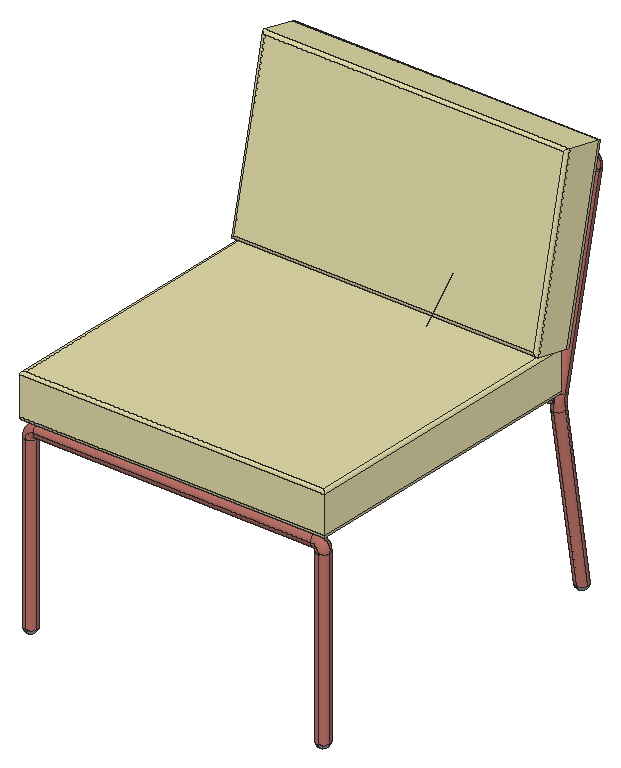
Revit family "FU_Outdoor_Sandler_Zero 208", category Furniture, Revit 2020
Family settings
  OmniClass Number = 23.40.20.00
  OmniClass Title = General Furniture and Specialties
  Work Plane-Based = No
  Always vertical = Yes
  Cut with Voids When Loaded = No
  Shared = No
  Room Calculation Point = No
Parameters (values of type "Zero 208")
  Width = 600 mm
  URL = "https://www.sandlerseating.com/product/zero-208/"
  Seat = Fabric - Outdoor - FabThirty 30319-18
  Model = "Zero 208"
  Manufacturer = "Sandler"
  Height = 800 mm
  Frame = Metal - Paint - AL VR - Ruby Red
  Description = "Upholstered sofa unit on a steel base, suitable for Outdoor. Stacks up to 4 with cushions removed. COM fabric needs to be outdoor treated for use on Zero, linking clips included."
  Depth = 690 mm
  Default Elevation = 0 mm
Reference planes
  plane 1 "Center (Front/Back)": y = 0
  plane 2: z = 0
  plane 3 "Center (Left/Right)": x = 0
  plane 4 "Right": x = -300
  plane 5 "Left": x = 300
  plane 6 "Back": y = 345
  plane 7 "Front": y = -345
  plane 8 "Height": z = 800
  plane 9 "Seat height": z = 460
  plane 10 "Glide": z = 10
  plane 11 "FL C RIGHT": y = -332.493
  plane 12 "RLegs C FRONT": x = -287.5
  plane 13 "LLegs C FRONT": x = 287.5
  plane 14 "Frame Top C FRONT": z = 360.488
  plane 15 "Back Frame Top FRONT": z = 728.827
  plane 16 "Back Frame Legs": through (4267.2, 302.563, 10.496) normal (0, -0.9862, -0.1657)
  plane 17 "Frame Back RIGHT": through (4267.2, 247.482, 372.134) normal (0, -0.9739, 0.2268)
  plane 18 "Back Frame Top C FRONT": z = 743.938
  plane 19 "Back Cross C TOP": y = 246.104
  plane 20 "R Cross C TOP": x = -257.733
  plane 21 "L Cross C TOP": x = 257.733
  plane 22: z = 552.375
  plane 23 "Seat Base": z = 372.955
Forms (mm)
  Sweep 1, solid, material "Metal - Paint - AL VR - Ruby Red" <- "Frame"
    path origin (0, -332.493, 0) x (0, 0, 1) y (1, 0, 0)
      loop
        line (10, -287.5) -> (345.488, -287.5)
        arc (345.488, -287.5) -> (356.095, -283.107) -> (360.488, -272.5) r 15
        line (360.488, -272.5) -> (360.488, 272.5)
        arc (360.488, 272.5) -> (356.095, 283.107) -> (345.488, 287.5) r 15
        line (345.488, 287.5) -> (10, 287.5)
    profile "Pro_Circles : 25mm" origin (-287.5, -332.493, 177.744) x (1, 0, 0) y (0, 1, 0)
      loop
        arc (-12.467, 0.067) -> (-8.882, -8.788) -> (-0.067, -12.467) r 12.401
        arc (-0.067, -12.467) -> (8.836, -8.836) -> (12.467, 0.067) r 12.401
        arc (12.467, 0.067) -> (8.788, 8.882) -> (-0.067, 12.467) r 12.401
        arc (-0.067, 12.467) -> (-8.835, 8.835) -> (-12.467, 0.067) r 12.4
  Sweep 2, solid, material "Metal - Paint - AL VR - Ruby Red" <- "Frame"
    path origin (287.5, 0, 0) x (0, 0, 1) y (0, -1, 0)
      loop
        line (0, -304.327) -> (343.139, -246.668)
        arc (343.139, -246.668) -> (357.905, -245.668) -> (372.58, -247.586) r 75
        line (372.58, -247.586) -> (728.827, -330.561)
    profile "Pro_Circles : 25mm" origin (287.5, 275.497, 171.569) x (0, 0.986175, 0.16571) y (-1, 0, 0)
      loop
        arc (-12.467, 0.067) -> (-8.882, -8.788) -> (-0.067, -12.467) r 12.401
        arc (-0.067, -12.467) -> (8.836, -8.836) -> (12.467, 0.067) r 12.401
        arc (12.467, 0.067) -> (8.788, 8.882) -> (-0.067, 12.467) r 12.401
        arc (-0.067, 12.467) -> (-8.835, 8.835) -> (-12.467, 0.067) r 12.4
  Sweep 3, solid, material "Metal - Paint - AL VR - Ruby Red" <- "Frame"
    path origin (0, 152.533, -35.527) x (0, -0.226841, -0.973932) y (1, 0, 0)
      loop
        line (-784.813, -287.434) -> (-787.994, -287.434)
        arc (-787.994, -287.434) -> (-797.186, -283.626) -> (-800.994, -274.434) r 13
        line (-800.994, -274.434) -> (-800.994, 274.418)
        arc (-800.994, 274.418) -> (-797.182, 283.621) -> (-787.978, 287.434) r 13.016
        line (-787.978, 287.434) -> (-784.813, 287.434)
    profile "Pro_Circles : 25mm" origin (-0.008, 334.231, 744.587) x (0, 0.226841, 0.973932) y (0, -0.973932, 0.226841)
      loop
        arc (-12.467, 0.067) -> (-8.882, -8.788) -> (-0.067, -12.467) r 12.401
        arc (-0.067, -12.467) -> (8.836, -8.836) -> (12.467, 0.067) r 12.401
        arc (12.467, 0.067) -> (8.788, 8.882) -> (-0.067, 12.467) r 12.401
        arc (-0.067, 12.467) -> (-8.835, 8.835) -> (-12.467, 0.067) r 12.4
  Sweep 4, solid, material "Metal - Paint - AL VR - Ruby Red" <- "Frame"
    path origin (-287.5, 0, 0) x (0, 0, 1) y (0, -1, 0)
      loop
        line (-0.018, -304.33) -> (343.139, -246.668)
        arc (343.139, -246.668) -> (357.905, -245.668) -> (372.58, -247.586) r 75
        line (372.58, -247.586) -> (728.827, -330.561)
    profile "Pro_Circles : 25mm" origin (-287.5, 275.499, 171.56) x (0, -0.986175, -0.16571) y (1, 0, 0)
      loop
        arc (12.467, 0.067) -> (8.835, 8.835) -> (0.067, 12.467) r 12.4
        arc (0.067, 12.467) -> (-8.788, 8.882) -> (-12.467, 0.067) r 12.401
        arc (-12.467, 0.067) -> (-8.836, -8.836) -> (0.067, -12.467) r 12.401
        arc (0.067, -12.467) -> (8.882, -8.788) -> (12.467, 0.067) r 12.401
  Sweep 5, solid, material "Metal - Paint - AL VR - Ruby Red" <- "Frame"
    path origin (0, 0, 360.488) x (0, -1, 0) y (1, 0, 0)
      loop
        line (-246.104, -287.5) -> (-246.104, 287.434)
    profile "Pro_Circles : 25mm" origin (-0.033, 246.104, 360.488) x (0, 1, 0) y (0, 0, 1)
      loop
        arc (-12.467, 0.067) -> (-8.882, -8.788) -> (-0.067, -12.467) r 12.401
        arc (-0.067, -12.467) -> (8.836, -8.836) -> (12.467, 0.067) r 12.401
        arc (12.467, 0.067) -> (8.788, 8.882) -> (-0.067, 12.467) r 12.401
        arc (-0.067, 12.467) -> (-8.835, 8.835) -> (-12.467, 0.067) r 12.4
  Sweep 6, solid, material "Metal - Paint - AL VR - Ruby Red" <- "Frame"
    path origin (0, 0, 360.488) x (0, -1, 0) y (1, 0, 0)
      loop
        line (-246.038, -257.733) -> (332.426, -257.733)
    profile "Pro_Circles : 25mm" origin (-257.733, -43.194, 360.488) x (1, 0, 0) y (0, 0, 1)
      loop
        arc (-12.467, 0.067) -> (-8.882, -8.788) -> (-0.067, -12.467) r 12.401
        arc (-0.067, -12.467) -> (8.836, -8.836) -> (12.467, 0.067) r 12.401
        arc (12.467, 0.067) -> (8.788, 8.882) -> (-0.067, 12.467) r 12.401
        arc (-0.067, 12.467) -> (-8.835, 8.835) -> (-12.467, 0.067) r 12.4
  Sweep 7, solid, material "Metal - Paint - AL VR - Ruby Red" <- "Frame"
    path origin (0, 0, 360.488) x (0, -1, 0) y (1, 0, 0)
      loop
        line (-246.104, 257.733) -> (332.426, 257.733)
    profile "Pro_Circles : 25mm" origin (257.733, -43.161, 360.488) x (1, 0, 0) y (0, 0, 1)
      loop
        arc (-12.467, 0.067) -> (-8.882, -8.788) -> (-0.067, -12.467) r 12.401
        arc (-0.067, -12.467) -> (8.836, -8.836) -> (12.467, 0.067) r 12.401
        arc (12.467, 0.067) -> (8.788, 8.882) -> (-0.067, 12.467) r 12.401
        arc (-0.067, 12.467) -> (-8.835, 8.835) -> (-12.467, 0.067) r 12.4
  Sweep 8, solid, material "Metal - Paint - AL VR - Ruby Red" <- "Frame"
    path origin (0, 0, 360.488) x (0, -1, 0) y (1, 0, 0)
      loop
        line (-156.807, -257.733) -> (-156.807, 257.666)
    profile "Pro_Circles : _5mm" origin (-0.033, 156.807, 360.488) x (0, 1, 0) y (0, 0, 1)
      loop
        arc (-2.467, 0.067) -> (-1.814, -1.716) -> (-0.07, -2.467) r 2.401
        arc (-0.07, -2.467) -> (1.766, -1.768) -> (2.467, 0.067) r 2.404
        arc (2.467, 0.067) -> (1.717, 1.812) -> (-0.067, 2.467) r 2.403
        arc (-0.067, 2.467) -> (-1.764, 1.764) -> (-2.467, 0.067) r 2.4
  Sweep 9, solid, material "Metal - Paint - AL VR - Ruby Red" <- "Frame"
    path origin (0, 0, 360.488) x (0, -1, 0) y (1, 0, 0)
      loop
        line (-246.104, -200.011) -> (332.426, -200.011)
    profile "Pro_Circles : _5mm" origin (-200.011, -43.161, 360.488) x (1, 0, 0) y (0, 0, 1)
      loop
        arc (-2.467, 0.067) -> (-1.814, -1.716) -> (-0.07, -2.467) r 2.401
        arc (-0.07, -2.467) -> (1.766, -1.768) -> (2.467, 0.067) r 2.404
        arc (2.467, 0.067) -> (1.717, 1.812) -> (-0.067, 2.467) r 2.403
        arc (-0.067, 2.467) -> (-1.764, 1.764) -> (-2.467, 0.067) r 2.4
  Sweep 10, solid, material "Metal - Paint - AL VR - Ruby Red" <- "Frame"
    path origin (0, -400, 360.488) x (0, -1, 0) y (1, 0, 0)
      loop
        line (-156.807, -257.733) -> (-156.807, 257.666)
    profile "Pro_Circles : _5mm" origin (-0.033, -243.193, 360.488) x (0, 1, 0) y (0, 0, 1)
      loop
        arc (-2.467, 0.067) -> (-1.814, -1.716) -> (-0.07, -2.467) r 2.401
        arc (-0.07, -2.467) -> (1.766, -1.768) -> (2.467, 0.067) r 2.404
        arc (2.467, 0.067) -> (1.717, 1.812) -> (-0.067, 2.467) r 2.403
        arc (-0.067, 2.467) -> (-1.764, 1.764) -> (-2.467, 0.067) r 2.4
  Sweep 11, solid, material "Metal - Paint - AL VR - Ruby Red" <- "Frame"
    path origin (0, -100, 360.488) x (0, -1, 0) y (1, 0, 0)
      loop
        line (-156.807, -257.733) -> (-156.807, 257.666)
    profile "Pro_Circles : _5mm" origin (-0.033, 56.807, 360.488) x (0, 1, 0) y (0, 0, 1)
      loop
        arc (-2.467, 0.067) -> (-1.814, -1.716) -> (-0.07, -2.467) r 2.401
        arc (-0.07, -2.467) -> (1.766, -1.768) -> (2.467, 0.067) r 2.404
        arc (2.467, 0.067) -> (1.717, 1.812) -> (-0.067, 2.467) r 2.403
        arc (-0.067, 2.467) -> (-1.764, 1.764) -> (-2.467, 0.067) r 2.4
  Sweep 12, solid, material "Metal - Paint - AL VR - Ruby Red" <- "Frame"
    path origin (0, -200, 360.488) x (0, -1, 0) y (1, 0, 0)
      loop
        line (-156.807, -257.733) -> (-156.807, 257.666)
    profile "Pro_Circles : _5mm" origin (-0.033, -43.193, 360.488) x (0, 1, 0) y (0, 0, 1)
      loop
        arc (-2.467, 0.067) -> (-1.814, -1.716) -> (-0.07, -2.467) r 2.401
        arc (-0.07, -2.467) -> (1.766, -1.768) -> (2.467, 0.067) r 2.404
        arc (2.467, 0.067) -> (1.717, 1.812) -> (-0.067, 2.467) r 2.403
        arc (-0.067, 2.467) -> (-1.764, 1.764) -> (-2.467, 0.067) r 2.4
  Sweep 13, solid, material "Metal - Paint - AL VR - Ruby Red" <- "Frame"
    path origin (0, -300, 360.488) x (0, -1, 0) y (1, 0, 0)
      loop
        line (-156.807, -257.733) -> (-156.807, 257.666)
    profile "Pro_Circles : _5mm" origin (-0.033, -143.193, 360.488) x (0, 1, 0) y (0, 0, 1)
      loop
        arc (-2.467, 0.067) -> (-1.814, -1.716) -> (-0.07, -2.467) r 2.401
        arc (-0.07, -2.467) -> (1.766, -1.768) -> (2.467, 0.067) r 2.404
        arc (2.467, 0.067) -> (1.717, 1.812) -> (-0.067, 2.467) r 2.403
        arc (-0.067, 2.467) -> (-1.764, 1.764) -> (-2.467, 0.067) r 2.4
  Sweep 14, solid, material "Metal - Paint - AL VR - Ruby Red" <- "Frame"
    path origin (400, 0, 360.488) x (0, -1, 0) y (1, 0, 0)
      loop
        line (-246.104, -200.011) -> (332.426, -200.011)
    profile "Pro_Circles : _5mm" origin (199.989, -43.161, 360.488) x (1, 0, 0) y (0, 0, 1)
      loop
        arc (-2.467, 0.067) -> (-1.814, -1.716) -> (-0.07, -2.467) r 2.401
        arc (-0.07, -2.467) -> (1.766, -1.768) -> (2.467, 0.067) r 2.404
        arc (2.467, 0.067) -> (1.717, 1.812) -> (-0.067, 2.467) r 2.403
        arc (-0.067, 2.467) -> (-1.764, 1.764) -> (-2.467, 0.067) r 2.4
  Sweep 15, solid, material "Metal - Paint - AL VR - Ruby Red" <- "Frame"
    path origin (100, 0, 360.488) x (0, -1, 0) y (1, 0, 0)
      loop
        line (-246.104, -200.011) -> (332.426, -200.011)
    profile "Pro_Circles : _5mm" origin (-100.011, -43.161, 360.488) x (1, 0, 0) y (0, 0, 1)
      loop
        arc (-2.467, 0.067) -> (-1.814, -1.716) -> (-0.07, -2.467) r 2.401
        arc (-0.07, -2.467) -> (1.766, -1.768) -> (2.467, 0.067) r 2.404
        arc (2.467, 0.067) -> (1.717, 1.812) -> (-0.067, 2.467) r 2.403
        arc (-0.067, 2.467) -> (-1.764, 1.764) -> (-2.467, 0.067) r 2.4
  Sweep 16, solid, material "Metal - Paint - AL VR - Ruby Red" <- "Frame"
    path origin (200, 0, 360.488) x (0, -1, 0) y (1, 0, 0)
      loop
        line (-246.104, -200.011) -> (332.426, -200.011)
    profile "Pro_Circles : _5mm" origin (-0.011, -43.161, 360.488) x (1, 0, 0) y (0, 0, 1)
      loop
        arc (-2.467, 0.067) -> (-1.814, -1.716) -> (-0.07, -2.467) r 2.401
        arc (-0.07, -2.467) -> (1.766, -1.768) -> (2.467, 0.067) r 2.404
        arc (2.467, 0.067) -> (1.717, 1.812) -> (-0.067, 2.467) r 2.403
        arc (-0.067, 2.467) -> (-1.764, 1.764) -> (-2.467, 0.067) r 2.4
  Sweep 17, solid, material "Metal - Paint - AL VR - Ruby Red" <- "Frame"
    path origin (300, 0, 360.488) x (0, -1, 0) y (1, 0, 0)
      loop
        line (-246.104, -200.011) -> (332.426, -200.011)
    profile "Pro_Circles : _5mm" origin (99.989, -43.161, 360.488) x (1, 0, 0) y (0, 0, 1)
      loop
        arc (-2.467, 0.067) -> (-1.814, -1.716) -> (-0.07, -2.467) r 2.401
        arc (-0.07, -2.467) -> (1.766, -1.768) -> (2.467, 0.067) r 2.404
        arc (2.467, 0.067) -> (1.717, 1.812) -> (-0.067, 2.467) r 2.403
        arc (-0.067, 2.467) -> (-1.764, 1.764) -> (-2.467, 0.067) r 2.4
  Sweep 18, solid, material "Metal - Paint - AL VR - Ruby Red" <- "Frame"
    path origin (0, 152.533, -35.527) x (0, -0.226841, -0.973932) y (1, 0, 0)
      loop
        line (-616.613, 287.434) -> (-616.613, 244.264)
        arc (-616.613, 244.264) -> (-620.27, 232.735) -> (-629.905, 225.422) r 20
        line (-629.905, 225.422) -> (-771.276, 175.086)
        arc (-771.276, 175.086) -> (-784.465, 156.17) -> (-770.864, 137.548) r 19.848
        line (-770.864, 137.548) -> (-435.6, 18.828)
        arc (-435.6, 18.828) -> (-422.293, 0) -> (-435.6, -18.828) r 19.974
        line (-435.6, -18.828) -> (-770.864, -137.548)
        arc (-770.864, -137.548) -> (-784.465, -156.17) -> (-771.276, -175.086) r 19.848
        line (-771.276, -175.086) -> (-629.905, -225.422)
        arc (-629.905, -225.422) -> (-620.27, -232.735) -> (-616.613, -244.264) r 20
        line (-616.613, -244.264) -> (-616.613, -287.434)
    profile "Pro_Circles : 5.5mm" origin (-265.849, 292.406, 565.012) x (0, -0.226841, -0.973932) y (0, -0.973932, 0.226841)
      loop
        arc (-2.717, 0.067) -> (-1.99, -1.893) -> (-0.069, -2.717) r 2.651
        arc (-0.069, -2.717) -> (1.942, -1.944) -> (2.717, 0.067) r 2.654
        arc (2.717, 0.067) -> (1.893, 1.988) -> (-0.067, 2.717) r 2.653
        arc (-0.067, 2.717) -> (-1.94, 1.94) -> (-2.717, 0.067) r 2.65
  Sweep 19, solid, material "Metal - Paint - AL VR - Ruby Red" <- "Frame"
    path origin (0, 152.533, -35.527) x (0, -0.226841, -0.973932) y (1, 0, 0)
      loop
        line (-590.517, 287.434) -> (-590.517, 244.394)
        arc (-590.517, 244.394) -> (-586.809, 232.701) -> (-577.041, 225.281) r 20.292
        line (-577.041, 225.281) -> (-435.599, 175.308)
        arc (-435.599, 175.308) -> (-422.328, 156.364) -> (-435.937, 137.662) r 19.902
        line (-435.937, 137.662) -> (-771.928, 18.423)
        arc (-771.928, 18.423) -> (-784.939, 0) -> (-771.928, -18.423) r 19.549
        line (-771.928, -18.423) -> (-435.937, -137.662)
        arc (-435.937, -137.662) -> (-422.328, -156.364) -> (-435.599, -175.308) r 19.902
        line (-435.599, -175.308) -> (-577.041, -225.281)
        arc (-577.041, -225.281) -> (-586.809, -232.701) -> (-590.517, -244.394) r 20.292
        line (-590.517, -244.394) -> (-590.517, -287.434)
    profile "Pro_Circles : 6mm" origin (-265.914, 286.486, 539.597) x (0, -0.226841, -0.973932) y (0, -0.973932, 0.226841)
      loop
        arc (-2.967, 0.067) -> (-2.167, -2.07) -> (-0.069, -2.967) r 2.901
        arc (-0.069, -2.967) -> (2.119, -2.121) -> (2.967, 0.067) r 2.904
        arc (2.967, 0.067) -> (2.07, 2.165) -> (-0.067, 2.967) r 2.903
        arc (-0.067, 2.967) -> (-2.117, 2.117) -> (-2.967, 0.067) r 2.9
  Revolve 20, solid, material "Rubber, Black"
    sketch origin (287.5, 0, 0) x (0, 0, 1) y (0, -1, 0)
      loop
        arc (10, 344.961) -> (2.62, 340.635) -> (-0.004, 332.493) r 12
        line (-0.004, 332.493) -> (10, 332.493) -> (10, 344.961)
      axis (10, 332.493) -> (-0.004, 332.493)
    angle from 0 to 360
  Extrusion 21, void
    sketch origin (287.5, 0, 0) x (0, 0, 1) y (0, 1, 0)
      loop
        line (10, 284.294) -> (10, 321.561) -> (-4.348, 321.561) -> (-4.348, 284.294) -> (10, 284.294)
    from -21.551 to 21.55
  Extrusion 22, void
    sketch origin (-287.5, 0, 0) x (0, 0, 1) y (0, -1, 0)
      loop
        line (10, -284.294) -> (-4.348, -284.294) -> (-4.348, -321.561) -> (10, -321.561) -> (10, -284.294)
    from -21.551 to 21.55
  Revolve 23, solid, material "Rubber, Black"
    sketch origin (-287.5, 0, 0) x (0, 0, 1) y (0, -1, 0)
      loop
        arc (10, 344.961) -> (2.62, 340.635) -> (-0.004, 332.493) r 12
        line (-0.004, 332.493) -> (10, 332.493) -> (10, 344.961)
      axis (10, 332.493) -> (-0.004, 332.493)
    angle from 0 to 360
  Revolve 24, solid, material "Rubber, Black"
    sketch origin (287.5, -29.873, 0) x (0, 0, 1) y (0, 1, 0)
      loop
        arc (10, 344.961) -> (2.62, 340.635) -> (-0.004, 332.493) r 12
        line (-0.004, 332.493) -> (10, 332.493) -> (10, 344.961)
      axis (10, 332.493) -> (-0.004, 332.493)
    angle from 0 to 360
  Revolve 25, solid, material "Rubber, Black"
    sketch origin (-287.5, -29.873, 0) x (0, 0, 1) y (0, -1, 0)
      loop
        line (10, -344.961) -> (10, -332.493) -> (-0.004, -332.493)
        arc (-0.004, -332.493) -> (2.62, -340.635) -> (10, -344.961) r 12
      axis (10, -332.493) -> (-0.004, -332.493)
    angle from 0 to 360
  Extrusion 26, solid, material "Fabric - Outdoor - FabThirty 30319-18" <- "Seat"
    sketch origin (0, 0, 372.955) x (1, 0, 0) y (0, 1, 0)
      loop
        line (-287.5, -332.427) -> (287.5, -332.427) -> (287.5, 223) -> (-287.5, 223) -> (-287.5, -332.427)
    from 0 to 87.045
  Sweep 27, solid, material "Fabric - Outdoor - FabThirty 30319-18" <- "Seat"
    path in 3D
      loop
        line (-287.5, -332.427, 460) -> (287.5, -332.427, 460) -> (287.5, 223, 460) -> (-287.5, 223, 460) -> (-287.5, -332.427, 460)
    profile "Pro_Zero_SeatEdge : Pro_Zero_SeatEdge" origin (-287.5, -54.713, 460) x (1, 0, 0) y (0, 0, 1)
      loop
        line (0, 0) -> (-6, 0)
        arc (-6, 0) -> (-10.243, -1.757) -> (-12, -6) r 6
        line (-12, -6) -> (-12, -78.967)
        arc (-12, -78.967) -> (-9.647, -84.647) -> (-3.967, -87) r 8.033
        line (-3.967, -87) -> (0, -87) -> (0, 0)
  Extrusion 28, solid, material "Fabric - Outdoor - FabThirty 30319-18" <- "Seat"
    sketch origin (0, 0, 0) x (0, 1, 0) y (0, 0, 1)
      loop
        line (248.064, 789.188) -> (176.745, 478.549) -> (254.695, 460.653) -> (326.014, 771.291) -> (248.064, 789.188)
    from -288 to 288
  Sweep 29, solid, material "Fabric - Outdoor - FabThirty 30319-18" <- "Seat"
    path in 3D
      loop
        line (-288, 248.064, 789.188) -> (-288, 176.745, 478.549) -> (288, 176.745, 478.549) -> (288, 248.064, 789.188) -> (-288, 248.064, 789.188)
    profile "Pro_Zero_SeatEdge : Pro_Zero_SeatEdge" origin (0, 248.064, 789.188) x (0, -0.223765, -0.974643) y (0, -0.974643, 0.223765)
      loop
        line (0, 0) -> (-6, 0)
        arc (-6, 0) -> (-10.243, -1.757) -> (-12, -6) r 6
        line (-12, -6) -> (-12, -78.967)
        arc (-12, -78.967) -> (-9.647, -84.647) -> (-3.967, -87) r 8.033
        line (-3.967, -87) -> (0, -87) -> (0, 0)
Cuts and joins
  Extrusion 22 cuts Sweep 4
  Extrusion 21 cuts Sweep 2
  joined: Extrusion 26, Sweep 27
  joined: Extrusion 28, Sweep 29
Lines and regions (mm)
  sketch lines
    curve 1: line (-287.5, 223, 460) -> (-287.5, -332.427, 460)
    curve 2: line (-287.5, -332.427, 460) -> (287.5, -332.427, 460)
    curve 3: line (287.5, -332.427, 460) -> (287.5, 223, 460)
    curve 4: line (287.5, 223, 460) -> (-287.5, 223, 460)
    curve 5: line (288, 248.064, 789.188) -> (-288, 248.064, 789.188)
    curve 6: line (-288, 176.745, 478.549) -> (-288, 248.064, 789.188)
    curve 7: line (288, 176.745, 478.549) -> (-288, 176.745, 478.549)
    curve 8: line (288, 248.064, 789.188) -> (288, 176.745, 478.549)
Dimensions and locks
  equal spacing: plane 4 "Right", plane 3 "Center (Left/Right)", plane 5 "Left"
  "Width": plane 4 "Right" to plane 5 "Left"
  equal spacing: plane 6 "Back", plane 1 "Center (Front/Back)", plane 7 "Front"
  "Depth": plane 6 "Back" to plane 7 "Front"
  "Height": plane 8 "Height" to level
  plane 9 "Seat height" to level = 460 mm
  plane 10 "Glide" to plane 2 = 10 mm
  equal spacing: group 1, group 3, group 4, group 5, group 2  (x2)
  equal spacing: group 2, group 5, group 4, group 3, group 1
  equal spacing: group 6, group 8, group 9, group 10, group 7  (x3)
  aligned and locked: level to plane 2
Automatic sketch dimensions
  Sweep 8 sketch curve to Sweep 8 sketch curve = 515.399 mm
  Sweep 10 sketch curve to Sweep 10 sketch curve = 515.399 mm
  Sweep 11 sketch curve to Sweep 11 sketch curve = 515.399 mm
  Sweep 12 sketch curve to Sweep 12 sketch curve = 515.399 mm
  Sweep 13 sketch curve to Sweep 13 sketch curve = 515.399 mm
  Sweep 9 sketch curve to Sweep 9 sketch curve = 578.531 mm
  Sweep 14 sketch curve to Sweep 14 sketch curve = 578.531 mm
  Sweep 15 sketch curve to Sweep 15 sketch curve = 578.531 mm
  Sweep 16 sketch curve to Sweep 16 sketch curve = 578.531 mm
  Sweep 17 sketch curve to Sweep 17 sketch curve = 578.531 mm
  Sweep 1 sketch curve to plane 10 "Glide" = 0 mm  (x2)
  Sweep 1 sketch curve to plane 12 "RLegs C FRONT" = 0 mm
  plane 13 "LLegs C FRONT" to Sweep 1 sketch curve = 0 mm
  Sweep 1 sketch curve to plane 14 "Frame Top C FRONT" = 0 mm
  Sweep 1 sketch curve to plane 21 "L Cross C TOP" = 14.767 mm
  plane 14 "Frame Top C FRONT" to Sweep 1 sketch curve = 15 mm
  Sweep 2 sketch curve to level = 0 mm
  plane 16 "Back Frame Legs" to Sweep 2 sketch curve = 0 mm
  Sweep 2 sketch curve to plane 17 "Frame Back RIGHT" = 0 mm  (x2)
  Sweep 2 sketch curve to plane 15 "Back Frame Top FRONT" = 0 mm
  Sweep 2 sketch curve to plane 16 "Back Frame Legs" = 0 mm
  plane 19 "Back Cross C TOP" to Sweep 2 sketch curve = 0.564 mm
  Sweep 2 sketch curve to plane 14 "Frame Top C FRONT" = 4.921 mm
  plane 19 "Back Cross C TOP" to Sweep 2 sketch curve = 1.482 mm
  plane 12 "RLegs C FRONT" to Sweep 3 sketch curve = 13.067 mm
  plane 12 "RLegs C FRONT" to Sweep 3 sketch curve = 0.067 mm
  plane 13 "LLegs C FRONT" to Sweep 3 sketch curve = 0.067 mm
  Sweep 3 sketch curve to Sweep 3 sketch curve = 13.016 mm
  Sweep 3 sketch curve to Sweep 3 sketch curve = 3.165 mm
  Sweep 3 sketch curve to Sweep 3 sketch curve = 3.181 mm
  plane 16 "Back Frame Legs" to Sweep 4 sketch curve = 0 mm  (x2)
  Sweep 4 sketch curve to plane 17 "Frame Back RIGHT" = 0 mm  (x2)
  Sweep 4 sketch curve to plane 15 "Back Frame Top FRONT" = 0 mm
  Sweep 4 sketch curve to plane 19 "Back Cross C TOP" = 1.482 mm
  plane 14 "Frame Top C FRONT" to Sweep 4 sketch curve = 4.921 mm
  Sweep 4 sketch curve to plane 19 "Back Cross C TOP" = 0.564 mm
  Sweep 4 sketch curve to level = 0.018 mm
  plane 19 "Back Cross C TOP" to Sweep 5 sketch curve = 0 mm
  Sweep 5 sketch curve to plane 12 "RLegs C FRONT" = 0 mm
  plane 13 "LLegs C FRONT" to Sweep 5 sketch curve = 0.067 mm
  Sweep 6 sketch curve to plane 20 "R Cross C TOP" = 0 mm
  plane 19 "Back Cross C TOP" to Sweep 6 sketch curve = 0.067 mm
  plane 11 "FL C RIGHT" to Sweep 6 sketch curve = 0.067 mm
  plane 19 "Back Cross C TOP" to Sweep 7 sketch curve = 0 mm
  Sweep 7 sketch curve to plane 21 "L Cross C TOP" = 0 mm
  plane 11 "FL C RIGHT" to Sweep 7 sketch curve = 0.067 mm
  Sweep 18 sketch curve to plane 3 "Center (Left/Right)" = 0 mm
  plane 20 "R Cross C TOP" to Sweep 18 sketch curve = 82.647 mm
  plane 21 "L Cross C TOP" to Sweep 18 sketch curve = 82.647 mm
  Sweep 18 sketch curve to Sweep 18 sketch curve = 0 mm
  plane 20 "R Cross C TOP" to Sweep 18 sketch curve = 120.185 mm
  Sweep 18 sketch curve to Sweep 18 sketch curve = 0.412 mm  (x2)
  plane 21 "L Cross C TOP" to Sweep 18 sketch curve = 120.185 mm
  Sweep 18 sketch curve to Sweep 18 sketch curve = 6.658 mm  (x2)
  plane 21 "L Cross C TOP" to Sweep 18 sketch curve = 13.469 mm
  Sweep 18 sketch curve to Sweep 18 sketch curve = 134.662 mm  (x2)
  plane 20 "R Cross C TOP" to Sweep 18 sketch curve = 13.469 mm
  plane 20 "R Cross C TOP" to Sweep 18 sketch curve = 32.311 mm
  Sweep 18 sketch curve to Sweep 18 sketch curve = 6.709 mm  (x2)
  plane 21 "L Cross C TOP" to Sweep 18 sketch curve = 32.311 mm
  Sweep 18 sketch curve to Sweep 18 sketch curve = 187.637 mm
  Sweep 18 sketch curve to plane 3 "Center (Left/Right)" = 18.828 mm
  Sweep 18 sketch curve to Sweep 18 sketch curve = 6.667 mm
  plane 3 "Center (Left/Right)" to Sweep 18 sketch curve = 18.828 mm
  plane 12 "RLegs C FRONT" to Sweep 18 sketch curve = 0.067 mm
  plane 13 "LLegs C FRONT" to Sweep 18 sketch curve = 0.067 mm
  Sweep 19 sketch curve to plane 3 "Center (Left/Right)" = 0 mm
  plane 3 "Center (Left/Right)" to Sweep 19 sketch curve = 18.423 mm
  Sweep 19 sketch curve to plane 3 "Center (Left/Right)" = 18.423 mm
  Sweep 19 sketch curve to Sweep 19 sketch curve = 6.538 mm
  plane 21 "L Cross C TOP" to Sweep 19 sketch curve = 13.339 mm
  Sweep 19 sketch curve to Sweep 19 sketch curve = 181.411 mm  (x2)
  plane 20 "R Cross C TOP" to Sweep 19 sketch curve = 13.339 mm
  plane 21 "L Cross C TOP" to Sweep 19 sketch curve = 32.452 mm
  Sweep 19 sketch curve to Sweep 19 sketch curve = 13.477 mm  (x2)
  plane 20 "R Cross C TOP" to Sweep 19 sketch curve = 32.452 mm
  Sweep 19 sketch curve to Sweep 19 sketch curve = 134.811 mm  (x2)
  plane 20 "R Cross C TOP" to Sweep 19 sketch curve = 120.071 mm
  Sweep 19 sketch curve to Sweep 19 sketch curve = 6.292 mm  (x2)
  plane 21 "L Cross C TOP" to Sweep 19 sketch curve = 120.071 mm
  plane 20 "R Cross C TOP" to Sweep 19 sketch curve = 82.425 mm
  Sweep 19 sketch curve to Sweep 19 sketch curve = 6.63 mm  (x2)
  plane 21 "L Cross C TOP" to Sweep 19 sketch curve = 82.425 mm
  plane 12 "RLegs C FRONT" to Sweep 19 sketch curve = 0.067 mm
  plane 13 "LLegs C FRONT" to Sweep 19 sketch curve = 0.067 mm
  Revolve 20 sketch curve to plane 11 "FL C RIGHT" = 0 mm  (x2)
  plane 10 "Glide" to Revolve 20 sketch curve = 0 mm
  level to Revolve 20 sketch curve = 0.004 mm
  plane 11 "FL C RIGHT" to Revolve 20 sketch curve = 0.632 mm
  plane 10 "Glide" to Revolve 20 sketch curve = 1.98 mm
  Revolve 20 sketch curve to Revolve 20 sketch curve = 1.063 mm
  Revolve 20 sketch curve to Revolve 20 sketch curve = 0.86 mm
  plane 10 "Glide" to Extrusion 21 sketch curve = 0 mm
  level to Extrusion 21 sketch curve = 4.348 mm
  plane 6 "Back" to Extrusion 21 sketch curve = 23.439 mm
  Extrusion 21 sketch curve to Extrusion 21 sketch curve = 37.267 mm
  plane 10 "Glide" to Extrusion 22 sketch curve = 0 mm
  Extrusion 22 sketch curve to level = 4.348 mm
  Extrusion 22 sketch curve to plane 6 "Back" = 23.439 mm
  Extrusion 22 sketch curve to Extrusion 22 sketch curve = 37.267 mm
  Revolve 23 sketch curve to plane 11 "FL C RIGHT" = 0 mm  (x2)
  plane 10 "Glide" to Revolve 23 sketch curve = 0 mm
  Revolve 23 sketch curve to level = 0.004 mm
  Revolve 23 sketch curve to plane 11 "FL C RIGHT" = 0.632 mm
  Revolve 23 sketch curve to plane 10 "Glide" = 1.98 mm
  Revolve 23 sketch curve to Revolve 23 sketch curve = 1.063 mm
  Revolve 23 sketch curve to Revolve 23 sketch curve = 0.86 mm
  plane 10 "Glide" to Revolve 24 sketch curve = 0 mm
  Revolve 24 sketch curve to level = 0.004 mm
  Revolve 24 sketch curve to plane 10 "Glide" = 1.98 mm
  Revolve 24 sketch curve to plane 6 "Back" = 42.38 mm
  Revolve 24 sketch curve to Revolve 24 sketch curve = 0.632 mm
  Revolve 24 sketch curve to Revolve 24 sketch curve = 1.063 mm
  Revolve 24 sketch curve to Revolve 24 sketch curve = 0.86 mm
  Revolve 24 sketch curve to Revolve 24 sketch curve = 0 mm
  plane 10 "Glide" to Revolve 25 sketch curve = 0 mm
  Revolve 25 sketch curve to level = 0.004 mm
  Revolve 25 sketch curve to plane 10 "Glide" = 1.98 mm
  Revolve 25 sketch curve to plane 6 "Back" = 29.912 mm
  Revolve 25 sketch curve to Revolve 25 sketch curve = 11.836 mm
  Revolve 25 sketch curve to Revolve 25 sketch curve = 1.063 mm
  Revolve 25 sketch curve to Revolve 25 sketch curve = 0.86 mm
  Revolve 25 sketch curve to Revolve 25 sketch curve = 0 mm
  Extrusion 26 sketch curve to plane 12 "RLegs C FRONT" = 0 mm
  Extrusion 26 sketch curve to plane 13 "LLegs C FRONT" = 0 mm
  plane 11 "FL C RIGHT" to Extrusion 26 sketch curve = 0.067 mm
  plane 19 "Back Cross C TOP" to Extrusion 26 sketch curve = 23.104 mm
  plane 9 "Seat height" to Extrusion 28 sketch curve = 18.549 mm
  Extrusion 28 sketch curve to plane 19 "Back Cross C TOP" = 8.591 mm
  plane 9 "Seat height" to Extrusion 28 sketch curve = 0.653 mm
  Extrusion 28 sketch curve to plane 19 "Back Cross C TOP" = 1.959 mm
  Extrusion 28 sketch curve to plane 8 "Height" = 10.812 mm
  Extrusion 28 sketch curve to plane 6 "Back" = 18.986 mm
